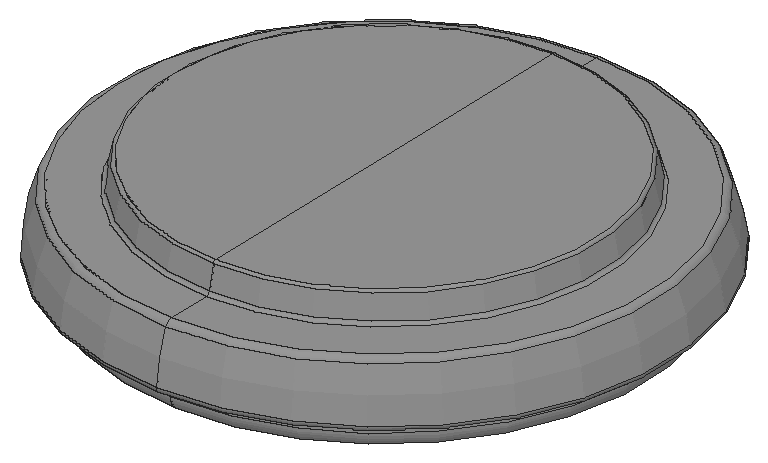
Revit family "FMK11_63_UN_Surface-mounted_ETK", category Lighting Fixtures, Revit 2017 (continued)
Definition of nested family "FMK.1 - Lightsource"
  Types (13, lengths in mm): name | Wattage Comments | Photometric Web File | built-in parameter 1150142 | Apparent Load
      1\t295.4487\r\n276.7221\t257.9909\t237.4332\t217.2268\t197.2976\t177.8843\t157.7872\t138.6506\t119.9505\t100.9249\r\n82.987\t66.0677\t14.47\t0\t0\t0\r\n604.9325\t604.5584\t603.0879\t601.1508\t598.5185\t594.9186\t590.6391\t585.3751\t579.3165\t572.4837\r\n564.9469\t556.5987\t547.5194\t537.685\t527.3395\t516.7057\t504.9047\t492.1707\t478.1271\t463.8484\r\n448.9665\t433.7524\t417.9986\t401.8529\t385.1715\t368.3446\t351.4028\t333.147\t313.7228\t294.4856\r\n275.2731\t256.1445\t237.316\t216.8492\t196.4747\t176.5442\t157.2377\t137.5478\t118.9004\t100.3985\r\n82.3134\t65.4455\t55.1323\t0\t0\t0\r\n604.9325\t604.5433\t603.3225\t601.1064\t598.4354\t594.7731\t590.3173\t585.098\t579.0797\t572.1766\r\n564.6071\t556.1859\t547.081\t537.2398\t526.6482\t515.4957\t503.7296\t491.745\t478.4953\t464.4776\r\n448.9829\t433.6134\t417.6598\t401.2469\t384.1387\t366.9918\t349.3881\t331.6485\t313.6629\t294.2241\r\n274.5265\t254.9012\t235.3516\t216.0467\t196.5265\t175.8547\t156.0522\t137.0014\t117.7749\t99.6932\r\n81.7729\t64.8345\t49.3378\t0\t0\t0\r\n604.9325\t604.5271\t603.3032\t601.0701\t598.3654\t594.6491\t590.1215\t584.7542\t578.8145\t571.898\r\n564.2988\t555.7883\t546.6569\t536.7664\t526.1773\t514.9361\t502.9375\t490.4265\t477.2784\t464.0283\r\n449.3533\t434.0958\t417.8096\t401.016\t383.7266\t366.2957\t348.4007\t330.2839\t311.8195\t293.1788\r\n274.555\t254.527\t234.348\t214.5879\t194.928\t175.8985\t155.5638\t135.8975\t117.155\t98.5499\r\n81.2595\t64.2084\t48.8598\t7.0657\t0\t0\r\n604.9325\t604.5096\t603.2784\t601.0424\t598.3097\t594.5477\t589.9606\t584.5414\t578.4482\t571.608\r\n563.9594\t555.3996\t546.2593\t536.3041\t525.6497\t514.3962\t502.4141\t489.7664\t476.4029\t462.5786\r\n448.0398\t433.0915\t418.0577\t401.3922\t384.1366\t366.1992\t348.0979\t329.6668\t310.9131\t291.9004\r\n272.744\t253.4824\t234.1877\t214.0316\t193.775\t173.9598\t154.8443\t135.6589\t116.2289\t97.8298\r\n80.0295\t63.4921\t48.2305\t34.936\t0\t0\r\n604.9325\t604.4906\t603.2478\t601.2803\t598.2688\t594.4695\t589.8358\t584.3814\t578.2247\t571.2493\r\n563.5271\t555.0451\t545.8679\t535.8603\t525.1757\t513.8836\t501.871\t489.1433\t475.8417\t461.8368\r\n447.2679\t432.0274\t416.5009\t400.0073\t383.2616\t366.3726\t348.5214\t330.0774\t310.8253\t291.5128\r\n272.035\t252.2821\t232.6407\t212.8798\t193.2781\t173.4395\t153.4804\t134.3364\t116.0668\t97.2\r\n79.2416\t62.4646\t47.4631\t33.5133\t0\t0\r\n604.9325\t604.4703\t603.2116\t601.2411\t598.5166\t594.4157\t589.7477\t584.274\t578.0648\t571.0564\r\n563.2525\t554.6583\t545.4211\t535.3541\t524.7361\t513.4205\t501.3551\t488.6147\t475.2745\t461.193\r\n446.5744\t431.3412\t415.6511\t399.1668\t382.278\t364.8935\t347.109\t328.9881\t310.4447\t291.7072\r\n272.4757\t252.2606\t232.2751\t212.1161\t191.9979\t172.222\t152.6751\t133.6736\t114.4712\t96.2985\r\n79.2\t61.7213\t46.3352\t30.5861\t2.7832\t0\r\n604.9325\t604.4487\t603.1693\t601.1876\t598.4603\t594.6385\t589.9678\t584.5139\t577.9711\t570.9456\r\n563.0797\t554.4745\t545.1762\t535.0443\t524.3111\t512.96\t500.8221\t488.1002\t474.7163\t460.6519\r\n445.9947\t430.7439\t414.9606\t398.5261\t381.5143\t364.1378\t346.2393\t328.0457\t309.3298\t290.2564\r\n271.0121\t251.3312\t231.6882\t211.9743\t192.2844\t172.4111\t152.2798\t132.702\t113.7176\t95.3929\r\n77.7571\t61.1156\t45.5789\t26.7123\t15.0206\t0\r\n604.9325\t604.4257\t603.1214\t601.1197\t598.376\t594.5431\t589.8686\t584.4373\t578.1813\t571.1696\r\n563.2668\t554.6915\t545.3505\t535.1843\t524.1648\t512.8008\t500.5868\t487.89\t474.4515\t460.278\r\n445.5862\t430.3323\t414.5182\t397.9934\t380.8221\t363.4557\t345.5267\t327.2817\t308.5319\t289.4587\r\n270.127\t250.3982\t230.6065\t210.7975\t190.5506\t170.8379\t151.2851\t132.0397\t113.3713\t95.4283\r\n77.5355\t60.4175\t45.5245\t22.783\t11.8877\t0\r\n604.9325\t604.4014\t603.0678\t601.0376\t598.264\t594.4044\t589.7068\t584.2658\t577.9867\t570.9757\r\n563.0442\t554.4872\t545.1275\t534.9651\t524.2246\t512.882\t500.6187\t487.9897\t474.5344\t460.3474\r\n445.6646\t430.439\t414.623\t398.0399\t380.7488\t363.3986\t345.4701\t327.1757\t308.3973\t289.2412\r\n269.9199\t250.2091\t230.3921\t210.5042\t190.5692\t170.6931\t151.1594\t131.7673\t112.9299\t94.5881\r\n76.9076\t60.112\t45.0279\t27.0286\t9.6311\t7.6483\r\n604.9325\t604.3759\t603.0084\t600.9412\t598.124\t594.2226\t589.4823\t583.9989\t577.6703\t570.6249\r\n562.6312\t554.0383\t544.615\t534.4128\t523.3303\t511.8827\t499.6032\t486.8945\t473.379\t459.1716\r\n444.447\t429.1313\t413.2983\t396.6863\t379.4714\t362.0792\t344.0455\t325.7707\t306.8732\t287.9397\r\n268.4905\t248.7792\t228.9235\t208.976\t188.8762\t169.0915\t149.5412\t130.307\t111.7095\t93.7095\r\n75.8594\t58.8926\t44.026\t24.9142\t12.7626\t0\r\n604.9325\t604.3491\t602.9434\t600.8307\t597.9567\t593.9983\t589.1954\t583.6374\t576.9499\t569.8568\r\n561.8084\t553.1696\t543.7065\t533.5014\t522.6434\t511.1217\t498.8636\t486.1079\t472.5802\t458.4416\r\n443.7228\t428.3584\t412.519\t395.9142\t378.8014\t361.382\t343.2832\t325.0317\t306.0946\t287.1683\r\n267.7345\t248.067\t228.3349\t208.5719\t188.922\t168.9512\t148.8897\t129.3596\t110.4457\t92.1897\r\n74.6666\t58.1911\t43.6041\t25.4889\t14.7118\t0\r\n604.9325\t604.321\t602.8732\t600.7066\t597.7625\t593.4555\t588.5912\t582.9617\t576.5349\t569.4237\r\n561.3509\t552.699\t543.2196\t533.0344\t522.242\t510.6583\t498.432\t485.6232\t472.085\t457.8674\r\n443.1238\t427.7399\t411.9617\t395.2552\t378.1904\t360.685\t342.6792\t324.4805\t305.7442\t286.9867\r\n267.5493\t247.3236\t227.2422\t207.0117\t186.8984\t167.1289\t147.607\t128.6542\t109.6219\t91.5686\r\n74.5654\t57.4716\t43.021\t27.7846\t2.5248\t0\r\n604.9325\t604.2919\t602.7977\t600.5691\t597.2642\t593.1928\t588.2942\t582.6298\t576.1886\t569.0731\r\n561.0018\t552.4381\t542.9442\t532.7591\t521.8457\t510.2154\t497.9723\t485.1383\t471.6045\t457.3841\r\n442.6041\t427.217\t411.5012\t394.7803\t377.8035\t360.7021\t342.6902\t324.0667\t304.5578\t285.154\r\n265.5148\t245.6447\t225.9156\t206.0001\t186.3854\t166.628\t146.7681\t127.7474\t109.5852\t91.0031\r\n73.2615\t56.8556\t42.3856\t28.9154\t0\t0\r\n604.9325\t604.2617\t602.7174\t600.1575\t597.0585\t592.9572\t588.0346\t582.3501\t575.91\t568.8992\r\n560.8225\t552.1243\t542.5982\t532.4005\t521.4708\t509.8288\t497.5519\t484.7125\t471.1209\t456.9536\r\n442.2012\t427.0651\t411.7943\t394.8578\t377.2968\t359.0608\t340.7356\t322.097\t303.0689\t283.9286\r\n264.5951\t245.1465\t225.7535\t205.5061\t185.2214\t165.5278\t146.4993\t127.474\t108.2339\t90.109\r\n72.5842\t56.4938\t42.1707\t29.3631\t0\t0\r\n604.9325\t604.2306\t602.6322\t600.0115\t596.8707\t592.7484\t587.812\t582.1232\t575.7826\t568.6374\r\n560.5537\t551.8047\t542.2444\t532.0161\t521.1001\t509.4521\t497.1336\t484.3221\t470.9094\t457.2702\r\n442.3573\t426.8157\t410.175\t393.076\t375.4255\t357.6573\t339.5612\t321.1252\t302.4491\t283.5515\r\n264.6943\t244.5977\t224.3093\t204.516\t184.8175\t165.8131\t145.6325\t126.1903\t107.6436\t89.3056\r\n72.2152\t56.2192\t41.802\t5.8477\t0\t0\r\n604.9325\t604.1984\t602.5428\t599.8759\t596.7009\t592.5661\t587.6259\t582.0288\t575.5588\t568.3431\r\n560.3078\t551.4936\t541.918\t531.6799\t520.6784\t509.0807\t497.0071\t484.619\t471.0275\t456.5955\r\n440.7773\t424.9147\t408.6153\t391.9435\t374.3648\t356.8729\t339.0738\t320.888\t302.7006\t282.9652\r\n263.1976\t243.4392\t223.6803\t204.304\t184.8139\t164.2859\t144.6019\t125.6638\t106.7368\t88.9169\r\n71.7798\t55.8455\t41.2336\t0\t0\t0\r\n604.9325\t604.1654\t602.1984\t599.751\t596.5492\t592.4098\t587.5663\t581.8713\t575.3548\t568.0817\r\n560.0442\t551.1829\t541.6018\t531.3184\t520.4884\t509.3827\t497.2815\t484.0025\t469.5392\t454.8807\r\n439.5116\t423.7455\t407.6028\t391.162\t373.9279\t356.7322\t339.4153\t320.7873\t301.2671\t281.7589\r\n262.378\t243.017\t224.0712\t203.4907\t183.2079\t163.3375\t144.1874\t124.7147\t106.2756\t88.4044\r\n71.2995\t55.37\t44.7197\t0\t0\t0\r\n604.9325\t604.1317\t602.1129\t599.6372\t596.4157\t592.3859\t587.3951\t581.6922\t575.1349\t567.8233\r\n559.7735\t550.7814\t541.2689\t531.1872\t520.8219\t509.1315\t496.4226\t482.3474\t468.3274\t453.7764\r\n438.603\t423.039\t407.124\t390.762\t374.0304\t356.955\t338.1426\t319.2702\t300.2728\t281.2389\r\n262.2388\t243.2836\t222.6194\t202.306\t182.3924\t163.035\t143.1366\t124.1994\t105.8336\t87.7967\r\n70.7723\t54.7046\t11.5599\t0\t0\t0\r\n604.9325\t604.0975\t602.033\t599.5342\t596.3004\t592.2404\t587.2388\t581.5154\t574.9143\t567.569\r\n559.3901\t550.5552\t541.2123\t531.4748\t520.4156\t507.8107\t494.859\t481.3089\t467.3975\t452.9318\r\n438.0372\t422.7691\t407.025\t391.0991\t373.8573\t355.346\t337.0135\t318.5296\t299.8812\t281.2909\r\n262.3027\t241.7297\t221.4854\t201.617\t182.1371\t161.9674\t142.593\t123.9131\t105.1305\t87.2021\r\n70.1622\t53.9551\t0\t0\t0\t0\r\n604.9325\t604.0626\t601.9588\t599.4427\t596.3201\t592.1193\t587.0871\t581.3395\t574.6941\t567.3193\r\n559.1974\t550.477\t541.5473\t530.9977\t519.0905\t506.765\t493.8707\t480.5702\t466.7289\t452.4544\r\n437.8106\t422.7648\t407.3444\t389.987\t372.3299\t354.4291\t336.4151\t318.2804\t300.3326\t281.1384\r\n260.7211\t240.7052\t221.0093\t201.4727\t181.0539\t161.3248\t142.3279\t123.1598\t104.4957\t86.6464\r\n69.558\t57.7051\t0\t0\t0\t0\r\n604.9325\t604.0272\t601.8904\t599.3882\t596.237\t592.0006\t586.9406\t581.1632\t574.4747\t566.9997\r\n559.073\t550.8158\t541.1454\t529.7416\t518.149\t505.9054\t493.157\t480.018\t466.3384\t452.3643\r\n437.9112\t422.9979\t406.1187\t388.9214\t371.496\t353.9348\t336.2188\t318.724\t299.4663\t279.56\r\n259.8369\t240.2784\t220.9329\t200.4813\t180.3908\t160.9421\t141.6885\t122.4909\t103.9808\t86.1452\r\n68.9426\t35.5201\t0\t0\t0\t0\r\n604.9325\t603.9917\t601.8278\t599.3206\t596.1556\t591.8844\t586.7978\t580.9865\t574.1458\t566.8553\r\n559.4036\t550.5172\t539.9315\t528.8512\t517.367\t505.2617\t492.6816\t479.6991\t466.2194\t452.4751\r\n438.05\t421.6244\t405.0853\t388.1373\t371.032\t353.8353\t336.757\t317.784\t298.2127\t278.7079\r\n259.3309\t240.3321\t219.939\t199.6844\t179.9696\t160.7126\t140.9902\t121.943\t103.488\t85.6436\r\n68.3574\t0\t0\t0\t0\t0\r\n604.9325\t603.9559\t601.7714\t599.2628\t596.0752\t591.771\t586.6658\t580.8024\t573.989\t566.7804\r\n559.2504\t549.8741\t539.0878\t528.1304\t516.7365\t504.7959\t492.3897\t479.5813\t466.3433\t452.6497\r\n436.8272\t420.6891\t404.3399\t387.7338\t370.9749\t354.3891\t335.8421\t316.6009\t297.4159\t278.2527\r\n259.3978\t239.328\t219.0886\t199.1929\t179.808\t159.923\t140.4269\t121.457\t103.048\t85.1848\r\n73.7131\t0\t0\t0\t0\t0\r\n604.9325\t603.6792\t601.7517\t599.3411\t595.9954\t591.6566\t586.5673\t580.5284\t573.8931\t567.1365\r\n558.8682\t548.733\t538.4005\t527.5784\t516.2664\t504.4955\t492.3035\t479.6753\t466.706\t451.4882\r\n436.0948\t420.0364\t403.9109\t387.6235\t371.4864\t353.8754\t334.7111\t315.7739\t296.8941\t278.1566\r\n258.9491\t238.4036\t218.4493\t198.8345\t179.1952\t159.3202\t139.916\t121.0317\t102.6407\t84.7143\r\n55.9271\t0\t0\t0\t0\t0\r\n604.9325\t603.6444\t601.7066\t599.2965\t595.915\t591.5536\t586.4411\t580.3913\t573.8543\t566.9618\r\n558.2996\t548.0726\t537.8747\t527.1113\t515.9263\t504.3672\t492.3683\t480.1405\t465.7028\t450.6329\r\n435.3552\t419.8082\t403.764\t387.8078\t371.2229\t352.4897\t333.8151\t315.2532\t296.7183\t278.1081\r\n257.8104\t237.7622\t218.0438\t198.6801\t178.511\t158.7677\t139.4922\t120.6463\t102.238\t84.2517\r\n9.0057\t0\t0\t0\t0\t0\r\n604.9325\t603.6112\t601.6661\t599.2512\t595.8331\t591.4531\t586.3125\t580.2933\t574.2613\t566.6412\r\n557.2567\t547.549\t537.3916\t526.7388\t515.7334\t504.3886\t492.9019\t479.7342\t464.8479\t450.0077\r\n434.9476\t419.8855\t404.0538\t388.151\t369.9169\t351.5873\t333.3553\t314.9504\t296.9003\t276.9796\r\n257.0176\t237.3436\t217.8318\t197.9694\t177.9387\t158.3111\t139.083\t120.2864\t101.8575\t92.1859\r\n0\t0\t0\t0\t0\t0\r\n604.9325\t603.5799\t601.6303\t599.2045\t595.7076\t591.3592\t586.075\t580.2215\t574.1924\t566.1884\r\n556.6737\t547.074\t536.9561\t526.5217\t515.6669\t504.5312\t492.7859\t478.611\t464.16\t449.5853\r\n434.7567\t419.7662\t405.0918\t387.0371\t369.0209\t351.0423\t333.0336\t315.092\t295.9783\t276.1604\r\n256.4894\t237.0057\t217.711\t197.3492\t177.4313\t157.8872\t138.7311\t119.935\t101.4702\t81.0181\r\n0\t0\t0\t0\t0\t0\r\n604.9325\t603.5503\t601.5987\t599.1561\t595.626\t591.2727\t585.9368\t580.2006\t574.0102\t565.255\r\n556.1655\t546.6769\t536.6806\t526.4567\t515.7097\t505.0175\t491.8244\t477.8494\t463.7019\t449.2876\r\n434.7564\t420.4081\t404.4637\t386.432\t368.4467\t350.6538\t332.9546\t315.1229\t295.2701\t275.5419\r\n256.1209\t237.0123\t216.9386\t196.7955\t177.0266\t157.531\t138.3961\t119.5772\t101.0781\t55.7879\r\n0\t0\t0\t0\t0\t0\r\n604.9325\t603.5226\t601.5713\t599.1055\t595.5514\t591.1944\t585.8477\t580.6059\t573.7272\t564.7673\r\n555.7208\t546.3592\t536.5629\t526.4185\t515.8861\t504.7419\t491.1491\t477.3368\t463.4233\t449.1905\r\n434.8749\t420.3926\t403.0738\t385.7604\t368.1941\t350.5999\t333.2448\t314.0673\t294.5401\t275.2079\r\n255.9181\t236.731\t216.3242\t196.3167\t176.6088\t157.1902\t138.0919\t119.2663\t100.7128\t7.9096\r\n0\t0\t0\t0\t0\t0\r\n604.9325\t603.5024\t601.5477\t599.0027\t595.4844\t591.1564\t585.7889\t580.586\t573.3397\t564.3588\r\n555.3625\t546.1066\t536.4848\t526.4232\t516.46\t503.7313\t490.508\t476.9971\t463.1504\t449.3158\r\n435.4961\t419.3363\t402.3059\t385.1301\t368.0536\t350.6767\t333.0603\t313.3187\t294.0528\t274.8627\r\n256.0518\t236.014\t215.808\t195.9092\t176.2577\t156.8869\t137.7744\t118.924\t107.573\t0\r\n0\t0\t0\t0\t0\t0\r\n604.9325\t603.478\t601.5279\t598.9535\t595.4258\t591.0829\t585.7607\t580.4663\t572.4844\t563.9941\r\n555.0829\t545.9216\t536.4706\t526.6157\t516.2842\t503.1403\t489.9858\t476.7762\t463.1632\t449.3988\r\n435.4082\t418.4666\t401.6939\t384.809\t367.7873\t351.0202\t332.0189\t312.8252\t293.7031\t274.7409\r\n255.7909\t235.4313\t215.3913\t195.5619\t175.9593\t156.6095\t137.5086\t118.6259\t93.5654\t0\r\n0\t0\t0\t0\t0\t0\r\n604.9325\t603.4551\t601.5115\t598.9106\t595.3758\t590.8939\t585.7709\t580.2702\t572.0798\t563.6729\r\n554.8743\t545.7915\t536.5093\t527.239\t515.7758\t502.6755\t489.6308\t476.5517\t463.3214\t450.0742\r\n434.4062\t417.8556\t401.204\t384.5694\t367.8901\t350.6145\t331.3568\t312.4071\t293.4519\t274.8857\r\n255.1354\t234.9506\t214.9788\t195.2372\t175.7164\t156.3939\t137.2684\t118.3542\t70.2991\t0\r\n0\t0\t0\t0\t0\t0\r\n604.9325\t603.4339\t601.4981\t598.8743\t595.3693\t590.8219\t585.8012\t579.9783\t571.7294\t563.3978\r\n554.7414\t545.7491\t536.5989\t527.245\t514.8542\t502.254\t489.435\t476.4383\t463.4252\t450.1235\r\n433.6687\t417.3734\t400.9511\t384.4656\t368.2234\t349.7336\t330.8127\t312.0244\t293.3418\t274.7228\r\n254.5352\t234.5186\t214.663\t194.959\t175.4554\t156.1442\t137.0471\t118.1035\t19.0545\t0\r\n0\t0\t0\t0\t0\t0\r\n604.9325\t603.4142\t601.6163\t598.8454\t595.3189\t590.7169\t586.228\t579.6856\t571.4422\t563.1606\r\n554.6359\t545.7802\t536.7262\t527.004\t514.4202\t501.893\t489.3259\t476.5043\t463.9917\t449.6199\r\n433.2001\t416.9985\t400.7919\t384.5465\t367.964\t349.0736\t330.4515\t311.843\t293.2609\t274.3654\r\n254.0721\t234.1043\t214.3191\t194.7189\t175.2644\t155.9641\t136.8284\t127.44\t0.8256\t0\r\n0\t0\t0\t0\t0\t0\r\n604.9325\t603.3959\t601.5958\t598.824\t595.2654\t590.6658\t586.2393\t578.987\t571.1614\t562.9789\r\n554.5537\t545.8944\t537.3116\t526.1436\t514.0547\t501.6983\t489.2117\t476.6618\t464.074\t448.5062\r\n432.723\t416.8038\t400.7754\t385.0445\t367.1413\t348.6211\t330.0914\t311.6944\t293.5155\t273.6725\r\n253.6465\t233.79\t214.0612\t194.4807\t175.0633\t155.7882\t136.6493\t117.5353\t0\t0\r\n0\t0\t0\t0\t0\t0\r\n604.9325\t603.3793\t601.5872\t598.8105\t595.2101\t590.6325\t586.182\t578.7254\t570.875\t562.8655\r\n554.5217\t546.0169\t537.3617\t525.6545\t513.7252\t501.581\t489.2289\t476.8143\t463.9001\t448.0007\r\n432.3179\t416.6176\t400.8204\t385.0398\t366.6709\t348.2612\t329.9337\t311.6354\t293.3024\t273.2371\r\n253.3363\t233.5297\t213.8389\t194.3095\t174.9111\t155.6259\t136.4696\t101.5487\t0\t0\r\n0\t0\t0\t0\t0\t0\r\n604.9325\t603.3641\t601.5801\t598.8331\t595.1315\t590.6137\t586.0804\t578.487\t570.6665\t562.7608\r\n554.5332\t546.1336\t537.3181\t525.3185\t513.4082\t501.4893\t489.3584\t477.4559\t463.01\t447.6105\r\n432.0987\t416.5061\t400.931\t384.7262\t366.2377\t348.0214\t329.8202\t311.6817\t293.0359\t272.855\r\n252.9846\t233.2859\t213.6869\t194.1907\t174.796\t155.5142\t136.3398\t80.7347\t0\t0\r\n0\t0\t0\t0\t0\t0\r\n604.9325\t603.3502\t601.5746\t598.8264\t595.0882\t590.6008\t585.9286\t578.3051\t570.5246\t562.6362\r\n554.6075\t546.3098\t537.0792\t525.0613\t513.2531\t501.3561\t489.4926\t477.5967\t462.5345\t447.256\r\n431.9436\t416.5695\t401.424\t383.9417\t365.8692\t347.8299\t329.7853\t311.9692\t292.3903\t272.5405\r\n252.7811\t233.1154\t213.5333\t194.0453\t174.6839\t155.431\t150.2586\t29.2061\t0\t0\r\n0\t0\t0\t0\t0\t0\r\n604.9325\t603.3378\t601.5706\t598.8203\t595.055\t590.6078\t585.7655\t578.1122\t570.4127\t562.5739\r\n554.6736\t546.923\t536.3276\t524.8226\t513.1645\t501.4036\t489.5432\t477.5045\t462.1937\t447.0308\r\n431.8282\t416.622\t401.4545\t383.5728\t365.6095\t347.6741\t329.7802\t311.9534\t292.0872\t272.2819\r\n252.5716\t232.9639\t213.4378\t193.9889\t174.6452\t155.374\t147.8321\t12.1507\t0\t0\r\n0\t0\t0\t0\t0\t0\r\n604.9325\t603.3266\t601.5681\t598.8152\t594.9133\t590.6359\t585.5832\t577.9208\t570.3524\t562.5734\r\n554.7119\t547.0357\t536.0482\t524.6097\t513.0999\t501.5025\t489.8006\t477.1124\t461.8898\t446.8692\r\n431.8333\t416.768\t401.2684\t383.2146\t365.4085\t347.6008\t329.8404\t311.7539\t291.7771\t272.086\r\n252.4588\t232.8794\t213.3666\t193.9448\t174.6141\t155.3429\t141.4974\t0\t0\t0\r\n0\t0\t0\t0\t0\t0\r\n604.9325\t603.3169\t601.5671\t598.8117\t594.8818\t591.1273\t585.3598\t577.7232\t570.2807\t562.5989\r\n554.8126\t547.0015\t535.83\t524.465\t513.0578\t501.589\t490.423\t476.4322\t461.5541\t446.7712\r\n431.8675\t416.9077\t401.0268\t382.9673\t365.2569\t347.5825\t330.1779\t311.2051\t291.528\t271.9059\r\n252.3343\t232.8122\t213.3482\t193.9567\t174.6259\t155.3412\t132.138\t0\t0\t0\r\n0\t0\t0\t0\t0\t0\r\n604.9325\t603.3083\t601.5674\t598.8104\t594.8673\t591.1701\t585.2094\t577.5682\t570.1843\t562.6627\r\n554.9593\t546.9296\t535.6142\t524.3936\t513.0698\t501.7034\t490.4952\t476.125\t461.4413\t446.6766\r\n431.941\t417.4522\t400.3522\t382.7423\t365.1753\t347.6066\t330.2627\t310.9633\t291.3402\t271.7576\r\n252.2371\t232.7679\t213.3529\t19
      3.9805\t174.655\t155.392\t120.5846\t0\t0\t0\r\n0\t0\t0\t0\t0\t0\r\n604.9325\t603.301\t601.5729\t598.8117\t594.8652\t591.1802\t584.7817\t577.4234\t570.115\t562.6941\r\n555.1334\t546.8455\t535.414\t524.311\t513.1192\t501.8585\t490.4872\t475.8803\t461.3033\t446.6903\r\n432.0433\t417.4984\t400.1431\t382.6494\t365.1539\t347.6827\t330.3082\t310.7545\t291.1843\t271.6838\r\n252.2118\t232.7765\t213.3615\t194.0134\t174.7039\t155.4623\t107.4685\t0\t0\t0\r\n0\t0\t0\t0\t0\t0\r\n604.9325\t603.295\t601.5758\t598.815\t594.8775\t591.0866\t584.6864\t577.3564\t570.0567\t562.6969\r\n555.2743\t546.7564\t535.2798\t524.2414\t513.1816\t502.0442\t490.4343\t475.6998\t461.2244\t446.7248\r\n432.2027\t417.4698\t399.9233\t382.5455\t365.1657\t347.7926\t330.2732\t310.6261\t291.1251\t271.6527\r\n252.2115\t232.7878\t213.4222\t194.097\t174.8049\t155.5703\t93.4481\t0\t0\t0\r\n0\t0\t0\t0\t0\t0\r\n604.9325\t603.2899\t601.5794\t598.8194\t594.9418\t591.0742\t584.5693\t577.3871\t570.0555\t562.7489\r\n555.8198\t546.1678\t535.2586\t524.2031\t513.1736\t502.2212\t490.3579\t475.5739\t461.1807\t446.7922\r\n432.3827\t417.4173\t399.8059\t382.4972\t365.1975\t347.9267\t330.2362\t310.5297\t291.061\t271.6314\r\n252.2371\t232.8693\t213.5311\t194.2179\t174.9328\t171.7185\t45.2984\t0\t0\t0\r\n0\t0\t0\t0\t0\t0\r\n604.9325\t603.2861\t601.584\t598.8252\t594.9753\t591.0943\t584.3698\t577.3456\t570.1357\t562.8374\r\n555.948\t545.9919\t535.157\t524.3236\t513.3771\t502.7104\t490.0954\t475.5009\t461.2002\t446.861\r\n432.5413\t417.3169\t399.7448\t382.5143\t365.2808\t348.0578\t330.1391\t310.4433\t291.0463\t271.6788\r\n252.3192\t232.9808\t213.6587\t194.3487\t175.0684\t171.0217\t33.648\t0\t0\t0\r\n0\t0\t0\t0\t0\t0\r\n604.9325\t603.2625\t601.5896\t598.827\t595.0037\t591.2214\t584.3024\t577.2119\t570.1593\t562.9763\r\n556.0681\t545.9132\t535.0971\t524.2744\t513.5068\t503.075\t489.7052\t475.3925\t461.1855\t446.9933\r\n433.1038\t416.8265\t399.6833\t382.546\t365.4094\t348.5442\t329.827\t310.4438\t291.082\t271.7317\r\n252.4056\t233.1016\t213.7987\t194.5299\t175.2683\t169.3777\t24.3324\t0\t0\t0\r\n0\t0\t0\t0\t0\t0\r\n604.9325\t603.2615\t601.596\t598.8352\t595.0251\t591.2699\t584.3706\t577.1939\t570.0969\t563.0553\r\n556.1891\t545.8881\t535.1035\t524.3192\t513.5269\t503.0774\t489.5826\t475.518\t461.3551\t447.1746\r\n433.3333\t416.8315\t399.7183\t382.6093\t365.5275\t348.6962\t329.8198\t310.5032\t291.1764\t271.8584\r\n252.5502\t233.251\t213.9726\t194.7088\t175.459\t167.1137\t16.9707\t0\t0\t0\r\n0\t0\t0\t0\t0\t0\r\n604.9325\t603.2622\t601.6031\t598.8456\t595.0171\t591.2942\t584.3901\t577.314\t570.1518\t563.0717\r\n556.2009\t545.8527\t535.1549\t524.4332\t513.666\t503.1656\t489.5138\t475.4802\t461.4303\t447.3598\r\n433.5291\t416.847\t399.79\t382.7498\t365.7146\t348.8482\t329.8385\t310.5403\t291.2523\t271.9627\r\n252.7004\t233.4355\t214.176\t194.9373\t175.6974\t164.6684\t11.2593\t0\t0\t0\r\n0\t0\t0\t0\t0\t0\r\n604.9325\t603.2646\t601.6112\t598.8588\t595.0338\t591.2612\t584.3879\t577.3718\t570.3272\t563.2615\r\n556.2852\t545.793\t535.1346\t524.4705\t513.8326\t503.3305\t489.5538\t475.5472\t461.5574\t447.5699\r\n433.7714\t416.9852\t399.9416\t382.9159\t365.8972\t349.0221\t329.9274\t310.6684\t291.4172\t272.1539\r\n252.9058\t233.6517\t214.4029\t195.1719\t175.9351\t162.3065\t6.9335\t0\t0\t0\r\n0\t0\t0\t0\t0\t0\r\n604.9325\t603.2688\t601.6042\t598.8743\t595.0554\t591.2658\t584.3391\t577.3615\t570.4032\t563.3975\r\n556.467\t545.8941\t535.2238\t524.5394\t513.8971\t503.3683\t489.5458\t475.6066\t461.6554\t447.69\r\n433.8362\t416.9968\t400.0429\t383.0747\t366.1055\t349.2307\t330.0787\t310.8325\t291.5897\t272.3493\r\n253.125\t233.8923\t214.6626\t195.4409\t176.2297\t160.3062\t3.7832\t0\t0\t0\r\n0\t0\t0\t0\t0\t0\r\n604.9325\t603.2748\t601.6166\t598.8882\t595.0815\t591.2814\t584.3409\t577.3783\t570.4122\t563.4421\r\n556.5094\t545.9312\t535.3131\t524.6743\t514.0286\t503.4308\t489.5819\t475.67\t461.7554\t447.8511\r\n433.9937\t417.1143\t400.1816\t383.2592\t366.3259\t349.4303\t330.2479\t311.0259\t291.8055\t272.5971\r\n253.3801\t234.165\t214.9533\t195.7439\t176.5349\t158.8426\t1.6454\t0\t0\t0\r\n0\t0\t0\t0\t0\t0\r\n604.9325\t603.2825\t601.6324\t598.9104\t595.1185\t591.3218\t584.3739\t577.421\t570.4627\t563.5141\r\n556.5711\t545.9833\t535.3841\t524.7961\t514.1941\t503.6029\t489.7421\t475.8564\t461.9698\t448.0952\r\n434.2193\t417.3134\t400.3992\t383.4817\t366.5691\t349.6572\t330.4638\t311.261\t292.0591\t272.8589\r\n253.658\t234.4578\t215.2712\t196.0725\t176.8744\t158.063\t0.4063\t0\t0\t0\r\n0\t0\t0\t0\t0\t0" | 18 VA
